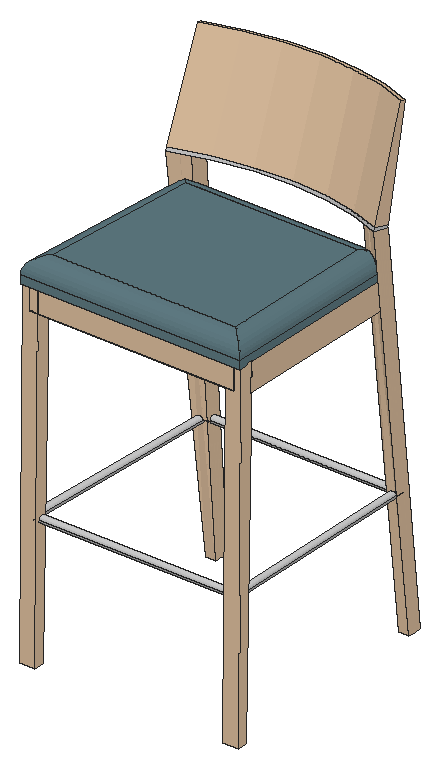
Revit family "FU_Stool_Sandler_Tendence 140-41", category Furniture, Revit 2020
Family settings
  OmniClass Number = 23.40.20.00
  OmniClass Title = General Furniture and Specialties
  Work Plane-Based = No
  Always vertical = Yes
  Cut with Voids When Loaded = No
  Shared = No
  Room Calculation Point = No
Parameters (values of type "Tendence 140.41")
  Width = 430 mm
  URL = "https://www.sandlerseating.com/product/tendence-140-41/"
  Seat [instance] = Fabric - Mainline Flax - Pimlico MLF34
  Model = "Tendence 140.41"
  Manufacturer = "Sandler"
  Height = 950 mm
  Frame [instance] = Wood - Beech - Cherry Wood - V
  Description = "Counterstool in beech wood with upholstered seat. Foot rest in matt chrome. Back has matt chrome steel detail."
  Depth = 480 mm
  Default Elevation = 0 mm
Reference planes
  plane 1 "Center (Front/Back)": y = 0
  plane 2: z = 0
  plane 3 "Center (Left/Right)": x = 0
  plane 4 "Right": x = -215
  plane 5 "Left": x = 215
  plane 6 "Back": y = 240
  plane 7 "Front": y = -240
  plane 8 "Height": z = 950
  plane 9 "Seat height": z = 710
  plane 10 "Stretcher": z = 257.522
Forms (mm)
  Extrusion 1, solid, material "Fabric - Mainline Flax - Pimlico MLF34" <- "Seat"
    sketch origin (0, 0.534, 708.966) x (-1, 0, 0) y (0, -0.999762, 0.021815)
      loop
        line (178.599, 202.698) -> (-178.599, 202.698) -> (-167.108, -108.483) -> (167.108, -108.483) -> (178.599, 202.698)
    from 0 to -50
  Sweep 2, solid, material "Fabric - Mainline Flax - Pimlico MLF34" <- "Seat"
    path in 3D
      loop
        line (178.599, -202.116, 713.388) -> (167.108, 108.991, 706.6) -> (-167.108, 108.991, 706.6) -> (-178.599, -202.116, 713.388) -> (178.599, -202.116, 713.388)
    profile origin (0, -202.116, 713.388) x (0, 0.999762, -0.021815) y (0, 0.021815, 0.999762)
      loop
        line (0, 0) -> (-1, 0)
        arc (-1, 0) -> (-25.042, -9.958) -> (-35, -34) r 34
        line (-35, -34) -> (-35, -50) -> (0, -50) -> (0, 0)
  Blend 3, solid, material "Wood - Beech - Cherry Wood - V"
    base sketch origin (0, 0, 0) x (1, 0, 0) y (0, 1, 0)
      loop
        line (-214.176, -240) -> (-184.399, -240) -> (-184.399, -221.369) -> (-214.176, -221.369) -> (-214.176, -240)
    top sketch origin (0, 0, 0) x (1, 0, 0) y (0, 1, 0)
      loop
        line (-214.176, -233.92) -> (-184.399, -233.92) -> (-184.399, -207.189) -> (-214.176, -207.189) -> (-214.176, -233.92)
    from 0 to 666
  Extrusion 4, solid, material "Wood - Beech - Cherry Wood - V" <- "Frame"
    sketch origin (-230.744, 12.372, 231.697) x (-0.036168, -0.999346, 0) y (0, 0, -1)
      loop
        line (222.173, -380.974) -> (-132.275, -373.564) -> (-123.335, -427.437) -> (220.143, -434.617) -> (222.173, -380.974)
    from 23.8 to 50.808
  Extrusion 5, solid, material "Wood - Beech - Cherry Wood - V" <- "Frame"
    sketch origin (0, 0, 0) x (0, 1, 0) y (0, 0, 1)
      loop
        line (-208.33, 612.418) -> (-207.189, 666) -> (-233.92, 666) -> (-234.327, 621.383) -> (-222.485, 612.418) -> (-208.33, 612.418)
    from -200 to 200
  Extrusion 6, solid, material "Wood - Beech - Cherry Wood - V" <- "Frame"
    sketch origin (0, 0, 0) x (0, 1, 0) y (0, 0, 1)
      loop
        line (163.122, 624.544) -> (158.777, 669.3) -> (129.865, 665.512) -> (138.896, 611.212) -> (152.661, 614.083) -> (163.122, 624.544)
    from -172 to 172
  Extrusion 7, solid, material "Wood - Beech - Cherry Wood - V" <- "Frame"
    sketch origin (230.744, 12.372, 231.697) x (0.036168, -0.999346, 0) y (0, 0, 1)
      loop
        line (222.173, 380.974) -> (220.143, 434.617) -> (-123.335, 427.437) -> (-132.275, 373.564) -> (222.173, 380.974)
    from 23.8 to 50.808
  Blend 8, solid, material "Wood - Beech - Cherry Wood - V"
    base sketch origin (0, 0, 0) x (-1, 0, 0) y (0, -1, 0)
      loop
        line (-214.176, 240) -> (-214.176, 221.369) -> (-184.399, 221.369) -> (-184.399, 240) -> (-214.176, 240)
    top sketch origin (0, 0, 0) x (-1, 0, 0) y (0, -1, 0)
      loop
        line (-214.176, 233.92) -> (-214.176, 207.189) -> (-184.399, 207.189) -> (-184.399, 233.92) -> (-214.176, 233.92)
    from 0 to 666
  Blend 9, solid, material "Wood - Beech - Cherry Wood - V"
    base sketch origin (0, 0, 0) x (-1, 0, 0) y (0, -1, 0)
      loop
        line (-178.575, -223.761) -> (-179.41, -197.114) -> (-199.253, -197.736) -> (-198.418, -224.383) -> (-178.575, -223.761)
    top sketch origin (0, 0, 0) x (-1, 0, 0) y (0, -1, 0)
      loop
        line (-204, -105.977) -> (-204, -138.064)
        spline (-204, -138.064) -> (-201.077, -139.755) -> (-198.14, -141.421) -> (-195.187, -143.063) -> (-192.221, -144.679) -> (-189.24, -146.271) -> (-186.246, -147.838) -> (-183.238, -149.38) -> (-180.216, -150.897) -> (-177.182, -152.389) -> (-174.134, -153.855) -> (-171.073, -155.296) -> (-168, -156.711)
        line (-168, -156.711) -> (-168, -124.392)
        spline (-168, -124.392) -> (-171.071, -122.995) -> (-174.13, -121.572) -> (-177.177, -120.124) -> (-180.211, -118.651) -> (-183.232, -117.153) -> (-186.24, -115.63) -> (-189.235, -114.082) -> (-192.216, -112.51) -> (-195.183, -110.913) -> (-198.136, -109.292) -> (-201.075, -107.646) -> (-204, -105.977)
    from 0 to 752.502
  SweptBlend 10, solid, material "Wood - Beech - Cherry Wood - V" <- "Frame"
    path origin (0, 0, 0) x (0, 1, 0) y (0, 0, 1)
      loop
        line (194.46, 737.971) -> (240, 934.482)
    profile "Pro_Tendence_Back_Base : Pro_Tendence_Back_Base" origin (0, 194.46, 737.971) x (0, -0.974183, 0.225761) y (1, 0, 0)
      loop
        line (56.467, -204) -> (89.405, -204)
        arc (89.405, -204) -> (33.572, 0) -> (89.405, 204) r 400.597
        line (89.405, 204) -> (56.467, 204)
        arc (56.467, 204) -> (0, 0) -> (56.467, -204) r 396.732
    end profile "Pro_Tendence_Back_Top : Pro_Tendence_Back_Top" origin (0, 240, 934.482) x (0, -0.974183, 0.225761) y (1, 0, 0)
      loop
        arc (64.186, -200) -> (9.265, 0) -> (64.186, 200) r 391.618
        line (64.186, 200) -> (54.921, 200)
        arc (54.921, 200) -> (0, 0) -> (54.921, -200) r 391.618
        line (54.921, -200) -> (64.186, -200)
  Sweep 11, solid, material "Metal - Chrome - Satin"
    path origin (0, 1.708, 7.37) x (0, 1, 0) y (0, 0, 1)
      loop
        line (192.752, 730.601) -> (191.366, 724.619)
    profile "Pro_Tendence_Back_Base : Pro_Tendence_Back_Base" origin (0, 193.767, 734.98) x (0, 0.974183, -0.225761) y (1, 0, 0)
      loop
        line (-56.467, 204) -> (-89.405, 204)
        arc (-89.405, 204) -> (-33.572, 0) -> (-89.405, -204) r 400.597
        line (-89.405, -204) -> (-56.467, -204)
        arc (-56.467, -204) -> (0, 0) -> (-56.467, 204) r 396.732
  Extrusion 12, void
    sketch origin (0, 0, 0) x (0, 1, 0) y (0, 0, 1)
      loop
        line (89.428, 756.008) -> (164.428, 738.628) -> (164.428, 761.967) -> (89.428, 761.967) -> (89.428, 756.008)
    from -215 to 215
  Blend 13, solid, material "Wood - Beech - Cherry Wood - V"
    base sketch origin (0, 0, 0) x (1, 0, 0) y (0, 1, 0)
      loop
        line (-178.575, 223.761) -> (-198.418, 224.383) -> (-199.253, 197.736) -> (-179.41, 197.114) -> (-178.575, 223.761)
    top sketch origin (0, 0, 0) x (1, 0, 0) y (0, 1, 0)
      loop
        spline (-204, 105.977) -> (-201.075, 107.646) -> (-198.136, 109.292) -> (-195.183, 110.913) -> (-192.216, 112.51) -> (-189.235, 114.082) -> (-186.24, 115.63) -> (-183.232, 117.153) -> (-180.211, 118.651) -> (-177.177, 120.124) -> (-174.13, 121.572) -> (-171.071, 122.995) -> (-168, 124.392)
        line (-168, 124.392) -> (-168, 156.711)
        spline (-168, 156.711) -> (-171.073, 155.296) -> (-174.134, 153.855) -> (-177.182, 152.389) -> (-180.216, 150.897) -> (-183.238, 149.38) -> (-186.246, 147.838) -> (-189.24, 146.271) -> (-192.221, 144.679) -> (-195.187, 143.063) -> (-198.14, 141.421) -> (-201.077, 139.755) -> (-204, 138.064)
        line (-204, 138.064) -> (-204, 105.977)
    from 0 to 752.502
  Sweep 14, solid, material "Metal - Chrome - Satin"
    path origin (0, 0, 257.522) x (1, 0, 0) y (0, 1, 0)
      loop
        line (-188.866, 183.042) -> (-198.205, -224.497) -> (198.205, -224.497) -> (188.866, 183.042) -> (-188.866, 183.042)
    profile origin (0, 183.042, 257.522) x (0, 1, 0) y (0, 0, 1)
      loop
        circle (0, 0) r 7
Cuts and joins
  Extrusion 12 cuts Blend 9
  Extrusion 12 cuts Blend 13
  joined: Extrusion 1, Sweep 2
Lines and regions (mm)
  sketch lines
    curve 1: line (-178.599, -202.116, 713.388) -> (178.599, -202.116, 713.388)
    curve 2: line (178.599, -202.116, 713.388) -> (167.108, 108.991, 706.6)
    curve 3: line (167.108, 108.991, 706.6) -> (-167.108, 108.991, 706.6)
    curve 4: line (-167.108, 108.991, 706.6) -> (-178.599, -202.116, 713.388)
Dimensions and locks
  equal spacing: plane 4 "Right", plane 3 "Center (Left/Right)", plane 5 "Left"
  "Width": plane 4 "Right" to plane 5 "Left"
  equal spacing: plane 6 "Back", plane 1 "Center (Front/Back)", plane 7 "Front"
  "Depth": plane 6 "Back" to plane 7 "Front"
  "Height": plane 8 "Height" to level
  plane 9 "Seat height" to level = 710 mm
  aligned and locked: level to plane 2
Automatic sketch dimensions
  plane 5 "Left" to Extrusion 1 sketch curve = 36.401 mm
  plane 5 "Left" to Extrusion 1 sketch curve = 47.892 mm
  Extrusion 1 sketch curve to plane 4 "Right" = 47.892 mm
  Extrusion 1 sketch curve to plane 4 "Right" = 36.401 mm
  Extrusion 1 sketch curve to Extrusion 1 sketch curve = 311.181 mm
  Sweep 2 sketch curve to profile plane = 0 mm  (x2)
  Sweep 2 sketch curve to Sweep 2 sketch curve = 1 mm
  profile plane to Sweep 2 sketch curve = 35 mm
  Sweep 2 sketch curve to Sweep 2 sketch curve = 16 mm
  Blend 3 sketch curve to plane 7 "Front" = 0 mm
  Blend 3 sketch curve to plane 4 "Right" = 0.824 mm  (x2)
  Blend 3 sketch curve to Blend 3 sketch curve = 29.777 mm  (x2)
  plane 7 "Front" to Blend 3 sketch curve = 18.631 mm
  plane 7 "Front" to Blend 3 sketch curve = 6.08 mm
  Blend 3 sketch curve to Blend 3 sketch curve = 26.731 mm
  Extrusion 4 sketch curve to plane 9 "Seat height" = 104.739 mm
  Extrusion 4 sketch curve to plane 9 "Seat height" = 50.866 mm
  Extrusion 4 sketch curve to Extrusion 4 sketch curve = 8.94 mm
  Extrusion 4 sketch curve to plane 9 "Seat height" = 43.686 mm
  Extrusion 4 sketch curve to Extrusion 4 sketch curve = 343.478 mm
  Extrusion 4 sketch curve to plane 9 "Seat height" = 97.329 mm
  Extrusion 4 sketch curve to Extrusion 4 sketch curve = 2.03 mm
  plane 7 "Front" to Extrusion 5 sketch curve = 5.673 mm
  plane 7 "Front" to Extrusion 5 sketch curve = 6.08 mm
  Extrusion 5 sketch curve to Extrusion 5 sketch curve = 11.842 mm
  Extrusion 5 sketch curve to Extrusion 5 sketch curve = 14.155 mm
  Extrusion 5 sketch curve to Extrusion 5 sketch curve = 26.731 mm
  Extrusion 5 sketch curve to plane 9 "Seat height" = 97.582 mm
  Extrusion 5 sketch curve to Extrusion 5 sketch curve = 8.965 mm
  Extrusion 5 sketch curve to plane 9 "Seat height" = 44 mm
  Extrusion 6 sketch curve to plane 9 "Seat height" = 44.488 mm
  Extrusion 6 sketch curve to plane 6 "Back" = 110.135 mm
  Extrusion 6 sketch curve to Extrusion 6 sketch curve = 9.031 mm
  Extrusion 6 sketch curve to Extrusion 6 sketch curve = 13.765 mm
  Extrusion 6 sketch curve to Extrusion 6 sketch curve = 28.912 mm
  Extrusion 6 sketch curve to Extrusion 6 sketch curve = 10.461 mm  (x2)
  Extrusion 6 sketch curve to Extrusion 6 sketch curve = 40.967 mm
  Extrusion 6 sketch curve to Extrusion 6 sketch curve = 2.871 mm
  Extrusion 6 sketch curve to Extrusion 6 sketch curve = 3.789 mm
  Extrusion 7 sketch curve to plane 9 "Seat height" = 104.739 mm
  Extrusion 7 sketch curve to plane 9 "Seat height" = 50.866 mm
  Extrusion 7 sketch curve to Extrusion 7 sketch curve = 8.94 mm
  Extrusion 7 sketch curve to plane 9 "Seat height" = 43.686 mm
  Extrusion 7 sketch curve to Extrusion 7 sketch curve = 343.478 mm
  Extrusion 7 sketch curve to plane 9 "Seat height" = 97.329 mm
  Extrusion 7 sketch curve to Extrusion 7 sketch curve = 2.03 mm
  Blend 8 sketch curve to plane 7 "Front" = 0 mm
  Blend 8 sketch curve to plane 5 "Left" = 0.824 mm  (x2)
  Blend 8 sketch curve to Blend 8 sketch curve = 29.777 mm  (x2)
  Blend 8 sketch curve to Blend 8 sketch curve = 18.631 mm
  Blend 8 sketch curve to plane 7 "Front" = 6.08 mm
  Blend 8 sketch curve to Blend 8 sketch curve = 26.731 mm
  Blend 9 sketch curve to plane 5 "Left" = 15.747 mm
  Blend 9 sketch curve to plane 5 "Left" = 16.582 mm
  Blend 9 sketch curve to Blend 9 sketch curve = 19.843 mm
  plane 6 "Back" to Blend 9 sketch curve = 42.886 mm
  Blend 9 sketch curve to Blend 9 sketch curve = 0.622 mm
  Blend 9 sketch curve to plane 3 "Center (Left/Right)" = 0 mm  (x2)
  Blend 9 sketch curve to plane 5 "Left" = 47 mm
  Blend 9 sketch curve to plane 5 "Left" = 11 mm
  plane 1 "Center (Front/Back)" to Blend 9 sketch curve = 105.977 mm
  Blend 9 sketch curve to Blend 9 sketch curve = 18.416 mm
  Blend 9 sketch curve to Blend 9 sketch curve = 32.088 mm
  Blend 9 sketch curve to Blend 9 sketch curve = 32.318 mm
  Blend 9 sketch curve to plane 7 "Front" = 46.584 mm
  Blend 9 sketch curve to plane 7 "Front" = 10.114 mm
  SweptBlend 10 sketch curve to plane 6 "Back" = 0 mm
  plane 9 "Seat height" to SweptBlend 10 sketch curve = 27.971 mm
  SweptBlend 10 sketch curve to plane 6 "Back" = 45.54 mm
  SweptBlend 10 sketch curve to plane 8 "Height" = 15.518 mm
  plane 9 "Seat height" to Sweep 11 sketch curve = 21.989 mm
  Sweep 11 sketch curve to plane 6 "Back" = 46.926 mm
  Sweep 11 sketch curve to Sweep 11 sketch curve = 1.386 mm
  Sweep 11 sketch curve to Sweep 11 sketch curve = 5.982 mm
  Extrusion 12 sketch curve to plane 1 "Center (Front/Back)" = 89.428 mm
  Extrusion 12 sketch curve to Extrusion 12 sketch curve = 75 mm
  plane 9 "Seat height" to Extrusion 12 sketch curve = 28.628 mm
  plane 9 "Seat height" to Extrusion 12 sketch curve = 46.008 mm
  Extrusion 12 sketch curve to Extrusion 12 sketch curve = 5.958 mm
  Blend 13 sketch curve to plane 4 "Right" = 15.747 mm
  Blend 13 sketch curve to plane 4 "Right" = 16.582 mm
  Blend 13 sketch curve to Blend 13 sketch curve = 19.843 mm
  Blend 13 sketch curve to plane 6 "Back" = 42.886 mm
  Blend 13 sketch curve to Blend 13 sketch curve = 0.622 mm
  Blend 13 sketch curve to plane 3 "Center (Left/Right)" = 0 mm  (x2)
  Blend 13 sketch curve to plane 4 "Right" = 47 mm
  Blend 13 sketch curve to plane 4 "Right" = 11 mm
  Blend 13 sketch curve to plane 1 "Center (Front/Back)" = 105.977 mm
  Blend 13 sketch curve to Blend 13 sketch curve = 18.416 mm
  Blend 13 sketch curve to Blend 13 sketch curve = 32.088 mm
  Blend 13 sketch curve to Blend 13 sketch curve = 32.318 mm
  plane 7 "Front" to Blend 13 sketch curve = 46.584 mm
  plane 7 "Front" to Blend 13 sketch curve = 10.114 mm
  Sweep 14 sketch curve to plane 4 "Right" = 16.795 mm
  plane 7 "Front" to Sweep 14 sketch curve = 15.503 mm
  Sweep 14 sketch curve to plane 4 "Right" = 26.134 mm
  plane 5 "Left" to Sweep 14 sketch curve = 16.795 mm
  plane 5 "Left" to Sweep 14 sketch curve = 26.134 mm
  Sweep 14 sketch curve to plane 6 "Back" = 56.958 mm
  plane 10 "Stretcher" to Sweep 14 sketch curve = 0 mm
  Sweep 14 sketch curve to profile plane = 0 mm
  radius of Sweep 14 sketch curve = 7 mm
